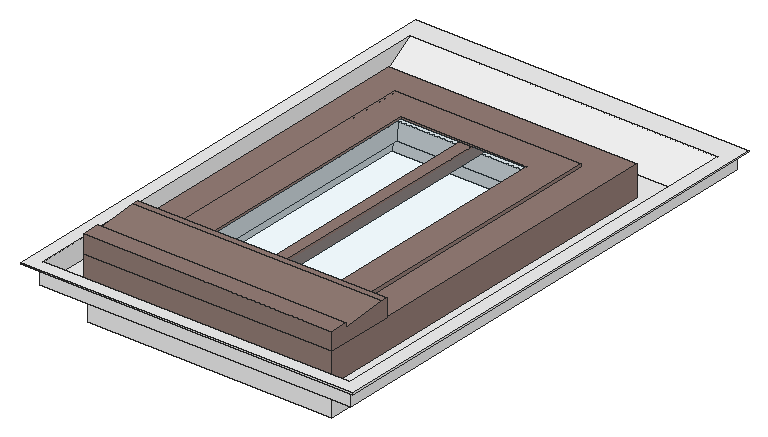
Revit family "WSL_A3-UK-Skylight", category Windows, host Roof, Revit 2016
Family settings
  Host = Roof
  Always vertical = No
  Cut with Voids When Loaded = No
  Shared = No
  Room Calculation Point = No
Parameters (values of type "UK_Skylight 850 x 550mm")
  Vis - Vert Bar = yes
  Vis - Plan View = yes
  Vis - Ironmongery = yes
  Vert Bar Thickness = 25.00 mm
  Upstand = 25.00 mm
  Rough Width = Width  # 550.00 mm
  Rough Height = Height  # 850.00 mm
  Material Sash = Window Frame
  Material Ironmongery = Metal - Aluminium
  Material Flashing = Metal - Lead
  Material Glass = Glass
  Height = 850.00 mm
  Type Comments = ""
  Width = 550.00 mm
  Material Frame = Metal - Bronze,LightBrush
  Assembly Code = "B3020110"
Types (2, lengths in mm): name | Vis - Vert Bar | Vis - Ironmongery | Rough Width | Rough Height | Height | Width | Assembly Code
  UK_Skylight 850 x 550mm | yes | yes | 550.00 | 850.00 | 850.00 | 550.00 | "B3020110"
  660 x 1180mm | no | no | 660.00 | 1180.00 | 1180.00 | 660.00 | 0.00
Reference planes
  plane 1 "Roof": z = 3657.6
  plane 2 "Top": y = -1129.747
  plane 3 "Bottom": y = -279.747
  plane 4 "Face": z = 3907.6
  plane 5 "Center (Front/Back)": y = -704.747
  plane 6: x = 669.173
  plane 7: x = 119.173
  plane 8 "Center Right/Left": x = 394.173
  plane 9: x = 744.173
  plane 10: y = -204.747
  plane 11: x = 44.173
  plane 12: z = 3862.6
  plane 13: y = -1169.747
  plane 14 "Extrusion": z = 3797.6
Forms (mm)
  Extrusion 1, void
    sketch origin (0, 0, 3657.6) x (1, 0, 0) y (0, 1, 0)
      loop
        line (669.173, -1129.747) -> (669.173, -279.747) -> (119.173, -279.747) -> (119.173, -1129.747) -> (669.173, -1129.747)
    from 0 to 250
  Blend 2, void
    base sketch origin (0, 0, 3907.6) x (-1, 0, 0) y (0, -1, 0)
      loop
        line (-744.173, 1169.747) -> (-744.173, 201.747) -> (-44.173, 201.747) -> (-44.173, 1169.747) -> (-744.173, 1169.747)
    top sketch origin (0, 0, 3907.6) x (-1, 0, 0) y (0, -1, 0)
      loop
        line (-744.173, 1169.747) -> (-744.173, 127.578) -> (-44.173, 127.578) -> (-44.173, 1169.747) -> (-744.173, 1169.747)
    from -45 to 0
  Sweep 3, solid, material "Metal - Bronze,LightBrush" <- "Material Frame"
    path origin (-66.914, -414.243, 3657.6) x (-1, 0, 0) y (0, -1, 0)
      loop
        line (-811.087, 790.504) -> (-811.087, -208.876) -> (-111.087, -208.876) -> (-111.087, 790.504) -> (-811.087, 790.504)
    profile origin (744.173, -705.057, 3657.6) x (-1, 0, 0) y (0, 0, 1)
      loop
        line (72.567, 210) -> (72.567, 275) -> (142.567, 275) -> (142.567, 282.067) -> (207.567, 282.067) -> (207.567, 285.067) -> (139.567, 285.067) -> (139.567, 278) -> (69.567, 278) -> (69.567, 210) -> (72.567, 210)
  Extrusion 4, solid, material "Metal - Lead" <- "Material Flashing"
    sketch origin (-66.914, -414.243, 3907.6) x (0, -1, 0) y (1, 0, 0)
      loop
        line (-284.496, 811.087) -> (-284.496, 111.087) -> (755.504, 111.087) -> (755.504, 811.087) -> (-284.496, 811.087)
      loop
        line (-334.496, 836.087) -> (-334.496, 86.087) -> (780.504, 86.087) -> (780.504, 836.087) -> (-334.496, 836.087)
    from 0 to 3
  Extrusion 5, solid, material "Metal - Bronze,LightBrush" <- "Material Frame"
    sketch origin (394.173, 0, 0) x (0, -1, 0) y (0, 0, 1)
      loop
        line (1135.18, 3935.6) -> (1135.18, 3975.6) -> (1095.18, 3975.6) -> (1095.18, 3965.6) -> (996.047, 3975.6) -> (981.047, 3975.6) -> (981.047, 3935.6) -> (1135.18, 3935.6)
    from -280.433 to 280.433
  Extrusion 6, solid, material "Metal - Lead" <- "Material Flashing"
    sketch origin (394.173, -1929.224, 1219.2) x (0, -1, 0) y (0, 0, 1)
      loop
        line (-1799.477, 2688.4) -> (-1724.477, 2643.4) -> (-1649.477, 2643.4) -> (-1649.477, 2646.4) -> (-1723.646, 2646.4) -> (-1798.646, 2691.4) -> (-1799.477, 2691.4) -> (-1799.477, 2688.4)
      loop
        line (-759.477, 2691.4) -> (-762.341, 2691.4) -> (-762.341, 2646.4) -> (-799.477, 2646.4) -> (-799.477, 2643.4) -> (-759.477, 2643.4) -> (-759.477, 2691.4)
    from -350 to 350
  Extrusion 7, solid, material "Metal - Lead" <- "Material Flashing"
    sketch origin (855.497, -204.747, 4876.8) x (1, 0, 0) y (0, 0, 1)
      loop
        line (-111.324, -966.2) -> (-114.324, -966.2) -> (-114.324, -1011.2) -> (-186.324, -1011.2) -> (-186.324, -1014.2) -> (-111.324, -1014.2) -> (-111.324, -966.2)
      loop
        line (-811.324, -966.2) -> (-811.324, -1014.2) -> (-736.324, -1014.2) -> (-736.324, -1011.2) -> (-808.324, -1011.2) -> (-808.324, -966.2) -> (-811.324, -966.2)
    from -125 to 965
Cuts and joins
  joined: Extrusion 4, Extrusion 6, Extrusion 7
Lines and regions (mm)
  symbolic lines, style "Symbolic Plan View"
    curve 1: line (669.173, -1129.747, 3797.6) -> (669.173, -279.747, 3797.6)
    curve 2: line (119.173, -1129.747, 3797.6) -> (669.173, -1129.747, 3797.6)
Dimensions and locks
  host sketch curve to host sketch curve = 3048.00 mm  (x2)
  equal spacing: plane 2 "Top", plane 5 "Center (Front/Back)", plane 3 "Bottom"
  "Height": plane 2 "Top" to plane 3 "Bottom"
  "Width": plane 6 to plane 7
  equal spacing: plane 7, plane 8 "Center Right/Left", plane 6
  locked: plane 9 to plane 6 at 75
  locked: plane 7 to plane 11 at 75
  plane 3 "Bottom" to plane 10 = 75.00 mm
  "Upstand": nested 1 to host roof
  locked: host roof to plane 12 at 45
  plane 13 to plane 2 "Top" = 40.00 mm
  locked: plane 2 "Top" to Sweep 3 sketch curve at 75
  Sweep 3 sketch curve to nested 1 = 7.067 mm
  Sweep 3 sketch curve to plane 12 = 5.00 mm
  locked: plane 10 to Extrusion 4 sketch curve at 75
  locked: Extrusion 4 sketch curve to plane 13 at 25
  locked: Extrusion 4 sketch curve to Extrusion 4 sketch curve at 25  (x2)
  locked: Extrusion 4 sketch curve to Extrusion 4 sketch curve at 50
  Extrusion 6 sketch curve to Extrusion 6 sketch curve = 3.00 mm  (x2)
  cut or joined group of Extrusion 4, Extrusion 6, Extrusion 7 to plane 12 = 3.00 mm
  Extrusion 7 sketch curve to plane 11 = 3.00 mm
  locked: plane 10 to Blend 2 sketch curve at 3
  locked: cut or joined group of Extrusion 4, Extrusion 6, Extrusion 7 to Blend 2 sketch curve at 3
  aligned and locked: level to plane 1 "Roof"
  aligned and locked: plane 4 "Face" to host roof
  aligned and locked: host roof to Extrusion 1
  aligned and locked: Extrusion 1 to plane 1 "Roof"
  aligned and locked: Sweep 3 sketch curve to plane 11
  aligned and locked: Sweep 3 sketch curve to nested 1
  aligned and locked: Extrusion 4 sketch curve to plane 9
  aligned and locked: Extrusion 4 sketch curve to plane 11
  aligned and locked: plane 13 to Extrusion 4 sketch curve
  aligned and locked: Extrusion 5 sketch curve to Sweep 3
  aligned and locked: Extrusion 4 to Extrusion 6 sketch curve
  aligned and locked: plane 9 to Extrusion 6
  aligned and locked: plane 11 to Extrusion 6
  aligned and locked: nested 1 to Extrusion 7 sketch curve
  aligned and locked: Extrusion 7 sketch curve to cut or joined group of Extrusion 4, Extrusion 6, Extrusion 7  (x2)
  aligned and locked: Extrusion 6 sketch curve to cut or joined group of Extrusion 4, Extrusion 6, Extrusion 7
  aligned and locked: cut or joined group of Extrusion 4, Extrusion 6, Extrusion 7 to Extrusion 7 sketch curve
  aligned and locked: Extrusion 7 sketch curve to plane 9
  aligned and locked: plane 6 to Extrusion 7 sketch curve
  aligned and locked: Extrusion 7 sketch curve to plane 12
  aligned and locked: plane 11 to Extrusion 7 sketch curve
  aligned and locked: nested 1 to plane 8 "Center Right/Left"
  aligned and locked: nested 1 to plane 2 "Top"
  aligned and locked: cut or joined group of Extrusion 4, Extrusion 6, Extrusion 7 to plane 13
  aligned and locked: Extrusion 5 to Sweep 3  (x2)
  aligned and locked: Blend 2 to host roof
  aligned and locked: Blend 2 to plane 12
  aligned and locked: curve 1 to plane 6
  aligned and locked: curve 2 to plane 2 "Top"
  aligned and locked: nested 2 to plane 3 "Bottom"
  aligned and locked: plane 7 to nested 2
Automatic sketch dimensions
  Extrusion 1 sketch curve to plane 3 "Bottom" = 0.00 mm
  Extrusion 1 sketch curve to plane 6 = 0.00 mm
  Extrusion 1 sketch curve to plane 7 = 0.00 mm
  Extrusion 1 sketch curve to plane 2 "Top" = 0.00 mm
  Sweep 3 sketch curve to plane 9 = 0.00 mm
  plane 10 to Sweep 3 sketch curve = 0.62 mm
  Sweep 3 sketch curve to profile plane = 69.567 mm
  Sweep 3 sketch curve to Sweep 3 sketch curve = 3.00 mm  (x4)
  Sweep 3 sketch curve to Sweep 3 sketch curve = 67.00 mm
  Sweep 3 sketch curve to Sweep 3 sketch curve = 65.00 mm
  Extrusion 5 sketch curve to Extrusion 5 sketch curve = 15.00 mm
  plane 2 "Top" to Extrusion 5 sketch curve = 34.567 mm
  Extrusion 5 sketch curve to plane 2 "Top" = 5.433 mm
  Extrusion 5 sketch curve to Extrusion 5 sketch curve = 30.00 mm
  Extrusion 5 sketch curve to Extrusion 5 sketch curve = 40.00 mm
  Extrusion 5 sketch curve to Extrusion 5 sketch curve = 10.00 mm
  Extrusion 5 sketch curve to Extrusion 5 sketch curve = 99.133 mm
  plane 9 to Extrusion 7 sketch curve = 3.00 mm
  plane 12 to Extrusion 7 sketch curve = 3.00 mm
  Extrusion 7 sketch curve to Extrusion 7 sketch curve = 3.00 mm
  Extrusion 6 sketch curve to plane 4 "Face" = 0.00 mm
  Extrusion 6 sketch curve to plane 10 = 0.00 mm
  Extrusion 6 sketch curve to plane 3 "Bottom" = 0.00 mm
  Extrusion 6 sketch curve to plane 2 "Top" = 0.00 mm
  Extrusion 6 sketch curve to plane 13 = 0.00 mm
  Extrusion 6 sketch curve to plane 12 = 0.00 mm  (x2)
  Extrusion 6 sketch curve to plane 10 = 74.169 mm
  plane 12 to Extrusion 6 sketch curve = 3.00 mm
  Extrusion 6 sketch curve to Extrusion 6 sketch curve = 2.864 mm
  Blend 2 sketch curve to plane 9 = 0.00 mm  (x2)
  Blend 2 sketch curve to plane 11 = 0.00 mm  (x2)
  Blend 2 sketch curve to plane 13 = 0.00 mm  (x2)
  curve 1 to plane 3 "Bottom" = 0.00 mm
  curve 2 to plane 7 = 0.00 mm
Nested families
  nested 1: "UK_Roof Window" at (476.034, -1129.747, 3892.6) x (-1, 0, 0) z (0, 0, 1), type "UK_Roof Window"
    with Width 550.00 mm, Vis - Vert Bar yes, Vis - Ironmongery yes, Depth 850.00 mm
  nested 2: "Family10" at (394.173, -704.747, 0), visible <- "Vis - Plan View", type "Family10"
Definition of nested family "UK_Roof Window"
  Parameters
    Width = 800.00 mm
    Vis - Vert Bar = no
    Vis - Ironmongery = no
    Vertical Bar Width = 25.00 mm
    Material Vert Bar = none
    Material Ironmongery = none
    Material Glass = none
    Material Frame = none
    Depth = 1050.00 mm
    Assembly Code = ""
  Reference planes
    plane 1 "Center (Front/Back)": y = 0
    plane 2: z = 0
    plane 3 "Center (Left/Right)": x = 81.861
    plane 4: x = -318.139
    plane 5: x = 481.861
    plane 6: y = -1050
    plane 7: x = -168.139
    plane 8: x = 331.861
  Forms (mm)
    Sweep 1, solid, material <- "Material Frame"
      path origin (0, 0, 0) x (1, 0, 0) y (0, 1, 0)
        loop
          line (-318.139, 0) -> (-318.139, -1050) -> (481.861, -1050) -> (481.861, 0)
      profile origin (81.861, -1050, 0) x (0, 1, 0) y (0, 0, 1)
        loop
          line (0, 30) -> (0, -95) -> (35, -95) -> (47.941, -46.704) -> (47.941, -6.704) -> (32.941, -6.704) -> (32.941, 30) -> (0, 30)
    Sweep 2, solid
      path origin (0, 0, 0) x (1, 0, 0) y (0, 1, 0)
        loop
          line (-318.139, -89.14) -> (-318.139, -1050) -> (481.861, -1050) -> (481.861, -89.14)
      profile origin (81.861, -1050, 0) x (0, 1, 0) y (0, 0, 1)
        loop
          line (36.941, 30) -> (36.941, -2.704) -> (51.941, -2.704) -> (51.941, -35) -> (84.314, -35) -> (96.78, 15) -> (76.941, 15) -> (76.941, 30) -> (36.941, 30)
    Extrusion 3, solid, material <- "Material Frame"
      sketch origin (81.861, 0, 0) x (0, 1, 0) y (0, 0, 1)
        loop
          line (0, 40) -> (-35, 40) -> (-35, 30) -> (-65, 30) -> (-65, -6.704) -> (-35, -6.704) -> (-35, -95) -> (0, -95) -> (0, 40)
      from -400 to 400
    Extrusion 4, solid
      sketch origin (81.861, 0, 0) x (0, 1, 0) y (0, 0, 1)
        loop
          line (-136.512, -35) -> (-124.14, -35) -> (-124.14, -40) -> (-132.619, -40) -> (-132.619, -50) -> (-73.129, -50)
          arc (-73.129, -50) -> (-60.45, -47.189) -> (-50.148, -39.284) r 30
          line (-50.148, -39.284) -> (-46.553, -35) -> (-39, -35) -> (-39, -10.704) -> (-65, -10.704) -> (-65, -35) -> (-89.14, -35) -> (-89.14, 30) -> (-133.979, 30) -> (-133.979, 15) -> (-148.979, 15) -> (-136.512, -35)
      from -363.059 to 363.059
    Extrusion 5, solid, material <- "Material Glass"
      sketch origin (0, -2066.613, 50) x (0, -1, 0) y (1, 0, 0)
        loop
          line (-1093.554, -241.198) -> (-1093.554, 404.921) -> (-1932.634, 404.921) -> (-1932.634, -241.198) -> (-1093.554, -241.198)
      from -35 to -11
    Extrusion 6, solid, material <- "Material Ironmongery", visible <- "Vis - Ironmongery"
      sketch origin (-168.139, 143.618, 1200) x (0, 1, 0) y (0, 0, 1)
        loop
          line (-227.758, -1250) -> (-257.758, -1250) -> (-257.758, -1270) -> (-227.758, -1278.038) -> (-227.758, -1250)
      from 2 to -2
    Extrusion 7, solid, material <- "Material Ironmongery", visible <- "Vis - Ironmongery"
      sketch origin (331.861, 182.43, 1200) x (0, 1, 0) y (0, 0, 1)
        loop
          line (-266.57, -1250) -> (-296.57, -1250) -> (-296.57, -1270) -> (-266.57, -1278.038) -> (-266.57, -1250)
      from 2 to -2
    Extrusion 8, solid, material <- "Material Ironmongery", visible <- "Vis - Ironmongery"
      sketch origin (81.861, 0, 0) x (0, 1, 0) y (0, 0, 1)
        loop
          line (-122.14, -67.856) -> (-122.14, -71.998) -> (-76.14, -84.323) -> (-76.14, -80.182) -> (-122.14, -67.856)
      from 303.22 to -303.22
    Extrusion 9, solid, material <- "Material Vert Bar", visible <- "Vis - Vert Bar"
      sketch origin (-868.052, -1050, 1200) x (-1, 0, 0) y (0, 0, 1)
        loop
          line (-937.414, -1156.833) -> (-962.414, -1156.833) -> (-962.414, -1185) -> (-937.414, -1185) -> (-937.414, -1156.833)
      from 916.021 to 76.941
  Cuts and joins
    joined: Sweep 1, Extrusion 3
    joined: Sweep 2, Extrusion 4
  Dimensions and locks
    equal spacing: plane 4, plane 3 "Center (Left/Right)", plane 5
    "Width": plane 4 to plane 5
    "Depth": plane 6 to plane 1 "Center (Front/Back)"
    Sweep 1 sketch curve to Sweep 1 sketch curve to Sweep 1 sketch curve to Sweep 1 sketch curve = 36.704 mm locked, 40.00 mm locked, 48.296 mm locked
    plane 6 to Sweep 1 sketch curve to Sweep 1 sketch curve to Sweep 1 sketch curve = 32.941 mm locked, 2.059 mm locked, 12.941 mm locked
    Extrusion 3 sketch curve to Extrusion 3 sketch curve to Extrusion 3 sketch curve = 10.00 mm locked, 36.704 mm locked
    locked: Extrusion 4 sketch curve to Extrusion 4 sketch curve at 80
    locked: plane 4 to plane 7 at 150
    locked: plane 8 to plane 5 at 150
    locked: Extrusion 8 sketch curve to Extrusion 8 sketch curve at 4
    equal spacing: Extrusion 9 sketch curve, plane 3 "Center (Left/Right)", Extrusion 9 sketch curve
    "Vertical Bar Width": Extrusion 9 sketch curve to Extrusion 9 sketch curve
    locked: Extrusion 9 sketch curve to Extrusion 5 at 4.167
    locked: Extrusion 4 sketch curve to Extrusion 4 sketch curve at 44.839
    locked: Extrusion 4 sketch curve to plane 1 "Center (Front/Back)" at 89.14
    aligned and locked: plane 5 to Extrusion 3
    aligned and locked: Extrusion 3 to plane 4
    aligned and locked: cut or joined group of Sweep 1, Extrusion 3 to Extrusion 4 sketch curve
    aligned and locked: Extrusion 4 to Sweep 2 sketch curve
    aligned and locked: Sweep 2 sketch curve to Extrusion 4
    aligned and locked: cut or joined group of Sweep 2, Extrusion 4 to Extrusion 4 sketch curve
    aligned and locked: cut or joined group of Sweep 1, Extrusion 3 to cut or joined group of Sweep 2, Extrusion 4
    aligned and locked: Extrusion 4 to Sweep 2
    aligned and locked: Sweep 2 to Extrusion 4
    aligned and locked: Extrusion 7 sketch curve to cut or joined group of Sweep 2, Extrusion 4
    aligned and locked: Extrusion 7 sketch curve to Extrusion 6  (x3)
    aligned and locked: Extrusion 8 sketch curve to Extrusion 7
    aligned and locked: Extrusion 8 to cut or joined group of Sweep 2, Extrusion 4
    aligned and locked: cut or joined group of Sweep 2, Extrusion 4 to Extrusion 8
    aligned and locked: Extrusion 9 sketch curve to Extrusion 5
    aligned and locked: Extrusion 9 to cut or joined group of Sweep 2, Extrusion 4  (x2)
  Automatic sketch dimensions
    Sweep 1 sketch curve to plane 4 = 0.00 mm
    Sweep 1 sketch curve to plane 5 = 0.00 mm
    Sweep 1 sketch curve to plane 6 = 0.00 mm
    Sweep 1 sketch curve to plane 1 "Center (Front/Back)" = 0.00 mm  (x2)
    Sweep 1 sketch curve to profile plane = 0.00 mm
    Extrusion 3 sketch curve to plane 1 "Center (Front/Back)" = 0.00 mm
    Extrusion 3 sketch curve to Extrusion 3 sketch curve = 30.00 mm
    Sweep 2 sketch curve to plane 4 = 0.00 mm
    Sweep 2 sketch curve to plane 5 = 0.00 mm
    Sweep 2 sketch curve to plane 6 = 0.00 mm
    Sweep 2 sketch curve to level = 2.704 mm
    Sweep 2 sketch curve to profile plane = 36.941 mm
    Sweep 2 sketch curve to Sweep 2 sketch curve = 15.00 mm  (x2)
    level to Sweep 2 sketch curve = 15.00 mm
    Sweep 2 sketch curve to Sweep 2 sketch curve = 25.00 mm
    Sweep 2 sketch curve to Sweep 2 sketch curve = 32.373 mm
    Sweep 2 sketch curve to Sweep 2 sketch curve = 19.839 mm
    Sweep 2 sketch curve to level = 35.00 mm
    plane 1 "Center (Front/Back)" to Extrusion 5 sketch curve = 133.979 mm
    plane 6 to Extrusion 5 sketch curve = 76.941 mm
    plane 4 to Extrusion 5 sketch curve = 76.941 mm
    Extrusion 5 sketch curve to plane 5 = 76.941 mm
    plane 1 "Center (Front/Back)" to Extrusion 3 sketch curve = 35.00 mm  (x2)
    Extrusion 3 sketch curve to level = 95.00 mm
    Extrusion 3 sketch curve to level = 6.704 mm
    Extrusion 6 sketch curve to level = 50.00 mm
    plane 1 "Center (Front/Back)" to Extrusion 6 sketch curve = 114.14 mm
    Extrusion 6 sketch curve to Extrusion 6 sketch curve = 30.00 mm
    Extrusion 6 sketch curve to Extrusion 6 sketch curve = 20.00 mm
    Extrusion 6 sketch curve to Extrusion 6 sketch curve = 28.038 mm
    Extrusion 8 sketch curve to level = 67.856 mm
    Extrusion 8 sketch curve to Extrusion 8 sketch curve = 46.00 mm
    Extrusion 4 sketch curve to Extrusion 4 sketch curve = 8.129 mm
    Extrusion 4 sketch curve to Extrusion 4 sketch curve = 35.00 mm
    Extrusion 4 sketch curve to Extrusion 4 sketch curve = 8.479 mm
    Extrusion 4 sketch curve to level = 35.00 mm  (x2)
    Extrusion 4 sketch curve to Extrusion 4 sketch curve = 3.894 mm
    Extrusion 4 sketch curve to Extrusion 4 sketch curve = 15.00 mm
    Extrusion 4 sketch curve to Extrusion 4 sketch curve = 14.852 mm
    Extrusion 4 sketch curve to Extrusion 4 sketch curve = 3.594 mm
    Extrusion 4 sketch curve to Extrusion 4 sketch curve = 7.553 mm
    Extrusion 4 sketch curve to Extrusion 4 sketch curve = 4.284 mm  (x2)
    Extrusion 4 sketch curve to Extrusion 4 sketch curve = 5.00 mm
    Extrusion 4 sketch curve to Extrusion 4 sketch curve = 10.716 mm
    Extrusion 4 sketch curve to level = 10.704 mm
    level to Extrusion 4 sketch curve = 15.00 mm
Definition of nested family "Family10"
  Reference planes
    plane 1 "Center (Front/Back)": y = 0
    plane 2: z = 0
    plane 3 "Center (Left/Right)": x = 0
  Lines and regions (mm)
    Masking region 1, in view "Ref. Level"
      outline origin (0, 0, 0) x (1, 0, 0) y (0, 1, 0)
        loop
          line (-275, -425) -> (275, -425) -> (275, 425) -> (-275, 425) -> (-275, -425)
    detail lines, in view "Ref. Level"
      curve 1: line (-275, -425, 0) -> (275, -425, 0)
      curve 2: line (-275, 425, 0) -> (-275, -425, 0)
      curve 3: line (275, 425, 0) -> (-275, 425, 0)
      curve 4: line (275, -425, 0) -> (275, 425, 0)
      curve 5: line (-275, -425, 0) -> (275, 425, 0)
      curve 6: line (-275, 425, 0) -> (275, -425, 0)
